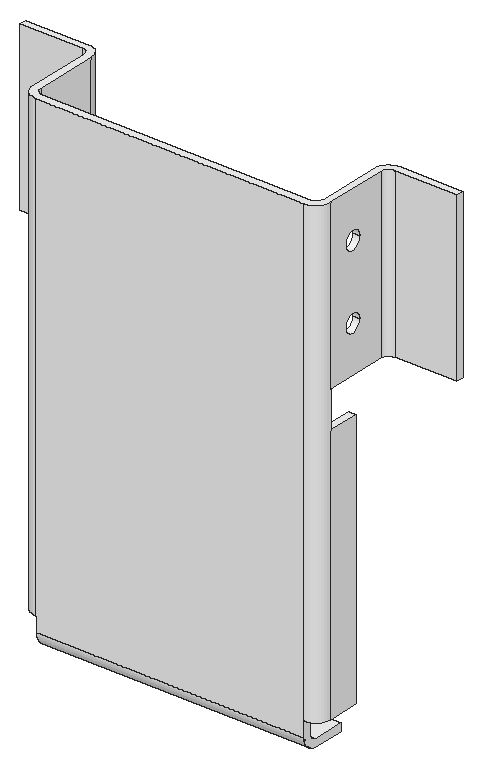
Revit family "dfplate", category 機械設備, Revit 2022
Family settings
  丸型コネクタ寸法 = 直径を使用
  種別 = なし
  パーツ タイプ = 標準
  作業面ベース = いいえ
  常に垂直 = はい
  ロード時にボイドで切り取り = いいえ
  注釈の向きを維持 = いいえ
  共有 = いいえ
  部屋計算ポイント = いいえ
Parameters
  製造元 = "株式会社桐井製作所"
  既定の高さ = 0 mm
  URL = "https://www.kirii.co.jp/"
  K_材質 = "溶融亜鉛めっき鋼板及び鋼帯及び鋼帯 JIS G 3302"
  K_名称 = "DFプレート"
  K_単位質量(kg/個) = 0.125
  K_バージョン情報 = "20230413"
  K_めっき付着量 = "K27"
Reference planes
  plane 1 "中心(正面/背面)": y = 0
  plane 2: z = 0
  plane 3 "中心(左/右)": x = 0
Forms (mm)
  Extrusion 1, solid
    sketch origin (0, 0, 0) x (1, 0, 0) y (0, 1, 0)
      loop
        line (-30.5, -16.8) -> (-30.5, -3.2)
        arc (-30.5, -3.2) -> (-31.437, -0.937) -> (-33.7, 0) r 3.2
        line (-33.7, 0) -> (-47.1, 0) -> (-47.1, -1.6) -> (-33.7, -1.6)
        arc (-33.7, -1.6) -> (-32.569, -2.069) -> (-32.1, -3.2) r 1.6
        line (-32.1, -3.2) -> (-32.1, -16.8)
        arc (-32.1, -16.8) -> (-31.163, -19.063) -> (-28.9, -20) r 3.2
        line (-28.9, -20) -> (28.9, -20)
        arc (28.9, -20) -> (31.163, -19.063) -> (32.1, -16.8) r 3.2
        line (32.1, -16.8) -> (32.1, -3.2)
        arc (32.1, -3.2) -> (32.569, -2.069) -> (33.7, -1.6) r 1.6
        line (33.7, -1.6) -> (47.1, -1.6) -> (47.1, 0) -> (33.7, 0)
        arc (33.7, 0) -> (31.437, -0.937) -> (30.5, -3.2) r 3.2
        line (30.5, -3.2) -> (30.5, -16.8)
        arc (30.5, -16.8) -> (30.031, -17.931) -> (28.9, -18.4) r 1.6
        line (28.9, -18.4) -> (-28.9, -18.4)
        arc (-28.9, -18.4) -> (-30.031, -17.931) -> (-30.5, -16.8) r 1.6
    from 0 to 103.2
  Extrusion 2, void
    sketch origin (0, -18.399, 0) x (0, -1, 0) y (0, 0, -1)
      loop
        line (-18.399, -67.2) -> (-1.599, -67.2) -> (-1.599, -59.2) -> (-8.399, -59.2) -> (-8.399, -3.2) -> (1.601, -3.2) -> (1.601, 0) -> (-18.399, 0) -> (-18.399, -67.2)
    from 28.919 to 47.289
  Extrusion 3, void
    sketch origin (0, -1.6, 0) x (0, 1, 0) y (0, 0, 1)
      loop
        circle (-9.2, 93.2) r 2
      loop
        circle (-9.2, 77.2) r 2
    from 30.5 to 32.1
  Extrusion 4, void
    sketch origin (0, -1.6, 0) x (0, 1, 0) y (0, 0, -1)
      loop
        circle (-9.2, -93.2) r 2
      loop
        circle (-9.2, -77.2) r 2
    from 30.5 to 32.1
  Extrusion 5, void
    sketch origin (-76.019, -18.399, 0) x (0, -1, 0) y (0, 0, -1)
      loop
        line (-18.399, -67.2) -> (-1.599, -67.2) -> (-1.599, -59.2) -> (-8.399, -59.2) -> (-8.399, -3.2) -> (1.601, -3.2) -> (1.601, 0) -> (-18.399, 0) -> (-18.399, -67.2)
    from 28.919 to 47.289
  Extrusion 6, solid
    sketch origin (0, 0, -3.2) x (0, 1, 0) y (0, 0, 1)
      loop
        line (-10, 1.6) -> (-16.8, 1.6)
        arc (-16.8, 1.6) -> (-17.931, 2.069) -> (-18.4, 3.2) r 1.6
        line (-18.4, 3.2) -> (-20, 3.2)
        arc (-20, 3.2) -> (-19.063, 0.937) -> (-16.8, 0) r 3.2
        line (-16.8, 0) -> (-10, 0) -> (-10, 1.6)
    from -28.73 to 28.919
Cuts and joins
  Extrusion 2, Extrusion 3, Extrusion 4, Extrusion 5 cuts Extrusion 1
  joined: Extrusion 1, Extrusion 6
Dimensions and locks
  aligned and locked: level to plane 2
